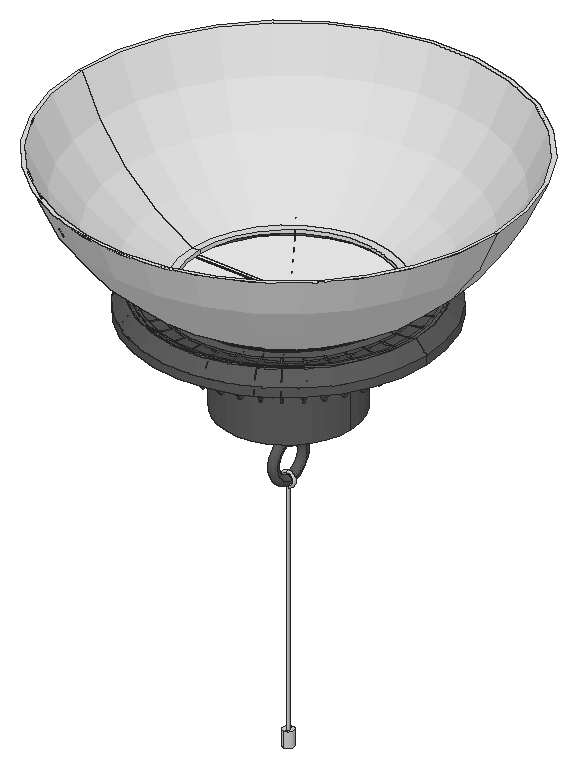
Revit family "0039350+0039356 Feilo Sylvania Lighting Fixture START HIGHBAY 6K 13KLM WIDE with ALU SHADE ALU COLOR FOR 13_19KLM", category Lighting Fixtures, host Face, Revit 2017
Family settings
  Host = Face
  Round Connector Dimension = Use Diameter
  Part Type = Normal
  OmniClass Number = 23.80.70.00
  OmniClass Title = Lighting
  Cut with Voids When Loaded = No
  Light Source = Yes
  Shared = No
  Room Calculation Point = No
Parameters (values of type "0039350+0039356 START HIGHBAY 6K 13KLM WIDE ALU SHADE ALU COLOR FOR 13/19KLM")
  WidthStraight_FEILO = if(SizeS_FEILO, 3 mm, if(SizeM_FEILO, 4 mm, 4.7 mm))  # 3 mm
  WidthRingChamfer_FEILO = if(SizeS_FEILO, 10.3 mm, if(SizeM_FEILO, 11.2 mm, 12.9 mm))  # 10.3 mm
  WidthCurved_FEILO = if(SizeS_FEILO, 17.4 mm, if(SizeM_FEILO, 16.4 mm, 26.2 mm))  # 17.4 mm
  WidthCurvedRing_FEILO = if(SizeS_FEILO, 3 mm, if(SizeM_FEILO, 4 mm, 4.7 mm))  # 3 mm
  WidthBracket_FEILO = 40 mm
  Weight = "3.0 kg"
  Wattage Comments = ""
  Wattage = 100 W
  WarrantyStartDate [instance] = "n/a"
  WarrantyGuarantorParts = "n/a"
  WarrantyDurationUnit = "n/a"
  WarrantyDurationParts = "n/a"
  WarrantyDescription = "n/a"
  built-in parameter 1150110 = 1 (stored number, unit not read)
  Voltage = 230 V
  VisibilityBracket_FEILO = no
  URL = "http://www.sylvania-lighting.com"
  TypeName = "START HIGHBAY 6K 13KLM WIDE ALU SHADE ALU COLOR FOR 13/19KLM"
  Type Image = <None>
  Type Comments = "n/a"
  built-in parameter 1114217 = 1 (stored number, unit not read)
  Tilt Angle = -90.00°
  ThicknessWall_FEILO = 1.5 mm
  ThicknessBracket_FEILO = 1.5 mm
  ThicknessBracketHalf_FEILO = ThicknessBracket_FEILO / 2  # 0.75 mm
  built-in parameter 1150109 = 1 (stored number, unit not read)
  built-in parameter 1150134 = 1
  SuspensionHeight_FEILO [instance] = 400 mm
  built-in parameter 1150113 = 1 (stored number, unit not read)
  SizeS_FEILO = yes
  SizeM_FEILO = no
  ShadeThickness_FEILO = 3 mm
  ShadeSizeSM_FEILO = or(SizeS_FEILO, SizeM_FEILO)  # yes
  ShadeRadiusOut_FEILO = 205 mm
  ShadeRadiusIn_FEILO = if(ShadeSizeSM_FEILO, 95 mm, 121 mm)  # 95 mm
  ShadeRadiusBend_FEILO = if(ShadeSizeSM_FEILO, 210 mm, 210 mm)  # 210 mm
  ShadeHeight_FEILO = if(ShadeSizeSM_FEILO, 120 mm, 151 mm)  # 120 mm
  SerialNumber [instance] = "n/a"
  Rib4_FEILO = if(SizeS_FEILO, 18.1 mm, if(SizeM_FEILO, 13.6 mm, 14.6 mm))  # 18.1 mm
  Rib3_FEILO = if(SizeS_FEILO, 15.3 mm, if(SizeM_FEILO, 17.6 mm, 20.2 mm))  # 15.3 mm
  Rib2_FEILO = if(SizeS_FEILO, 3.6 mm, if(SizeM_FEILO, 3.9 mm, 4.5 mm))  # 3.6 mm
  Rib1_FEILO = if(SizeS_FEILO, 15.1 mm, if(SizeM_FEILO, 16.5 mm, 19 mm))  # 15.1 mm
  RadiusDiffuser_FEILO = if(SizeS_FEILO, 95.2 mm, if(SizeM_FEILO, 105.3 mm, 120 mm))  # 95.2 mm
  RadiusArrayPost_FEILO = DriverRadius_FEILO - 6 mm  # 55.4 mm
  RHRadius3_FEILO = if(SizeS_FEILO, 6.6 mm, if(SizeM_FEILO, 7.4 mm, 8.6 mm))  # 6.6 mm
  RHRadius2_FEILO = if(SizeS_FEILO, 11 mm, if(SizeM_FEILO, 12 mm, 14 mm))  # 11 mm
  RHRadius1_FEILO = if(SizeS_FEILO, 13.6 mm, if(SizeM_FEILO, 14.9 mm, 17.7 mm))  # 13.6 mm
  RHHeight4_FEILO = if(SizeS_FEILO, 7.3 mm, if(SizeM_FEILO, 8 mm, 9.2 mm))  # 7.3 mm
  RHHeight3_FEILO = if(SizeS_FEILO, 3.6 mm, if(SizeM_FEILO, 3.7 mm, 4.6 mm))  # 3.6 mm
  RHHeight2_FEILO = if(SizeS_FEILO, 2 mm, if(SizeM_FEILO, 2.2 mm, 2.6 mm))  # 2 mm
  RHHeight1_FEILO = if(SizeS_FEILO, 11.8 mm, if(SizeM_FEILO, 15.3 mm, 17.4 mm))  # 11.8 mm
  Photometric Web File = "0039350+0039356.ies"
  Material_5_FEILO = Shade-Sylvania-StartHighbay-Alu
  Material_3_FEILO = LED-Sylvania-StartHighbay-Glow
  PowerFactor = 0.95
  PowerConsumption = "100 W"
  NominalLength = 270 mm
  NominalHeight = 170 mm
  NominalDepth = 270 mm
  Name = "START HIGHBAY 6K 13KLM WIDE ALU SHADE ALU COLOR FOR 13/19KLM"
  ModelReference = Name  # "START HIGHBAY 6K 13KLM WIDE ALU SHADE ALU COLOR FOR 13/19KLM"
  ModelNumber = "0039350+0039356"
  Model = Name  # "START HIGHBAY 6K 13KLM WIDE ALU SHADE ALU COLOR FOR 13/19KLM"
  Material = "aluminium alloy housing, polycarbonate diffuser"
  ManufacturerName = "Feilo Sylvania"
  Manufacturer = "Feilo Sylvania"
  LuminousEfficacy = "130 lm/W"
  built-in parameter 1150105 = 7435 (stored number, unit not read)
  Lumens = 13000 lm
  LuminaireType = ""
  built-in parameter 1150115 = 1 (stored number, unit not read)
  LightOutputRatio = "n/a"
  built-in parameter 1150137 = (empty or 0)
  built-in parameter 1150139 = (empty or 0)
  LampsType = Lamp  # "LED"
  LampNominalLuminous = "13000 lm"
  LampMacAdamStep = "n/a"
  LampColourTemperature = "6500 K"
  LampColourRenderingIndex = "80"
  built-in parameter 1150112 = 1 (stored number, unit not read)
  built-in parameter 1150114 = 1 (stored number, unit not read)
  Lamp = "LED"
  Keynote = "16500"
  InstallationDate [instance] = "n/a"
  InputVoltage = "220-240V~"
  InputNominalFrequency = "50/60 Hz"
  built-in parameter 1150132 = (empty or 0)
  built-in parameter 1150102 = (empty or 0)
  built-in parameter 1150107 = 6500 (stored number, unit not read)
  built-in parameter 1150138 = (empty or 0)
  IngressProtection = "IP65"
  ImpactProtectionIndex = "IK08"
  built-in parameter 1150106 = 74.35 (stored number, unit not read)
  IfcExportType = "IfcLightFixtureType"
  IfcExportAs = "IfcLightFixtureType"
  HeightRing_FEILO = if(SizeS_FEILO, 19.8 mm, if(SizeM_FEILO, 32 mm, 36.8 mm))  # 19.8 mm
  HeightRingChamfer_FEILO = if(SizeS_FEILO, 11.7 mm, if(SizeM_FEILO, 23.2 mm, 26.6 mm))  # 11.7 mm
  EyeThickness_FEILO = if(SizeS_FEILO, 8.4 mm, if(SizeM_FEILO, 9.2 mm, 10.5 mm))  # 8.4 mm
  EyeThicknessHalf_FEILO = EyeThickness_FEILO / 2  # 4.2 mm
  EyeInner_FEILO = if(SizeS_FEILO, 13.8 mm, if(SizeM_FEILO, 15.1 mm, 17.3 mm))  # 13.8 mm
  ExpectedLife = 50000
  Emit from Circle Diameter = RadiusDiffuser_FEILO * 2  # 190.4 mm
  Emit Shape Visible in Rendering = no
  ElectricShockClassification = "Class I"
  built-in parameter 1150104 = 12.077 (stored number, unit not read)
  DurationUnit = "hours"
  DriverVerticalStraight_FEILO = if(SizeS_FEILO, 46.5 mm, if(SizeM_FEILO, 49.7 mm, 57 mm))  # 46.5 mm
  DriverVerticalChamfer_FEILO = if(SizeS_FEILO, 7.5 mm, if(SizeM_FEILO, 8.2 mm, 9.5 mm))  # 7.5 mm
  DriverRadius_FEILO = if(SizeS_FEILO, 61.4 mm, if(SizeM_FEILO, 67.2 mm, 76.4 mm))  # 61.4 mm
  DriverRadiusTop_FEILO = if(SizeS_FEILO, 42 mm, if(SizeM_FEILO, 45.3 mm, 52.4 mm))  # 42 mm
  DriverBottom_FEILO = if(SizeS_FEILO, 56 mm, if(SizeM_FEILO, 64.5 mm, 74 mm))  # 56 mm
  DocumentationLiterature = "http://www.sylvania-lighting.com/product/en-int/products/0039350"
  DimmingControlOptions = "n/a"
  Material_2_FEILO = Diffuser-Sylvania-StartHighbay-Transparent
  Radius_FEILO = if(SizeS_FEILO, 135 mm, if(SizeM_FEILO, 148 mm, 169.5 mm))  # 135 mm
  Dimming Lamp Color Temperature Shift = <None>
  DiameterWire_FEILO = 3 mm
  DiameterWireSupport_FEILO = 10 mm
  Description = "START HIGHBAY, includes 1 m cables, black aluminium housing, 13000LM, 100W, 130lm/W, 6500K, Driver current: 2140mA, CR80, 60° beam angle, 1-10V dimmable,  IP65, IK08, 50,000 hrs (L70B50), (LxWxH) 270x270x170mm"
  Default Elevation = 1219.2 mm
  CreatedOn = "2/28/2018"
  CreatedBy = ""
  Cost = 0
  Color Filter = 16777215
  built-in parameter 1114216 [instance] = (empty or 0)
  ClassificationValue = "EF_70_80"
  ClassificationName = "Uniclass2015"
  Material_1_FEILO = Body-Sylvania-StartHighbay-Black
  BarCode [instance] = "n/a"
  built-in parameter 1114218 = 1 (stored number, unit not read)
  built-in parameter 1150133 = 10 (stored number, unit not read)
  AssetType = "Fixed"
  AssetIdentifier [instance] = "n/a"
  Assembly Code = "D5020200"
  Apparent Load = 100 VA
  Material_4_FEILO = Shade-Sylvania-StartHighbay-Alu
Reference planes
  plane 1 "Center (Front/Back)": y = 0
  plane 2: z = 0
  plane 3 "Center (Left/Right)": x = 0
  plane 4: z = 400
  plane 5: x = -135
  plane 6: x = -124.7
  plane 7: z = 388.3
  plane 8: z = 380.2
  plane 9: x = -121.7
  plane 10: z = 397.375
  plane 11: x = -104.3
  plane 12: x = -95.2
  plane 13: x = -118.7
  plane 14: z = 398.375
  plane 15: z = 396.375
  plane 16: x = -92.2
  plane 17: z = 395.375
  plane 18: x = -133.5
  plane 19: x = -119.9
  plane 20: z = 376.6
  plane 21: x = -104.6
  plane 22: z = 358.5
  plane 23: x = -20
  plane 24: z = 344
  plane 25: x = -61.4
  plane 26: z = 297.5
  plane 27: x = -42
  plane 28: z = 290
  plane 29: x = -13.6
  plane 30: z = 278.2
  plane 31: z = 276.2
  plane 32: x = -11
  plane 33: z = 272.6
  plane 34: z = 265.3
  plane 35: x = -6.6
  plane 36: z = 251.5
  plane 37: z = 237.7
  plane 38: x = 4.2
  plane 39: x = -4.2
  plane 40: z = 229.3
  plane 41: z = 233.5
  plane 42: x = -129.1
  plane 43: x = -132.5
  plane 44: z = 378.7
  plane 45: x = -123.2
  plane 46: z = 320.75
  plane 47: y = -20
  plane 48: y = 20
  plane 49: x = 135
  plane 50: x = 124.7
  plane 51: x = 133.5
  plane 52: x = 129.1
  plane 53: x = 132.5
  plane 54: x = 123.2
  plane 55: z = 240.7
  plane 56: y = 1.5
  plane 57: y = -1.5
  plane 58: z = 239.2
  plane 59: z = 227.8
  plane 60: z = 226.3
  plane 61: y = -5
  plane 62: y = 5
  plane 63: z = 14
  plane 64: x = -205
  plane 65: z = 520
  plane 66: x = -95
  plane 67: x = -87
  plane 68: x = -202
  plane 69: z = 403
Forms (mm)
  Revolve 1, solid, material "Body-Sylvania-StartHighbay-Black" <- "Material_1_FEILO", detail levels medium+fine
    sketch origin (0, 0, 0) x (1, 0, 0) y (0, 0, 1)
      loop
        line (-135, 380.2) -> (-133.5, 380.2) -> (-133.5, 387.734) -> (-125.012, 397.375) -> (-118.7, 397.375) -> (-118.7, 399.16)
        arc (-118.7, 399.16) -> (-120.206, 399.56) -> (-121.7, 400) r 58.981
        line (-121.7, 400) -> (-124.241, 400)
        arc (-124.241, 400) -> (-124.657, 399.911) -> (-124.999, 399.66) r 1.015
        line (-124.999, 399.66) -> (-135, 388.3) -> (-135, 380.2)
      axis (0, 400) -> (0, 380.2)
    angle from 360 to 0
  Revolve 2, solid, material "Body-Sylvania-StartHighbay-Black" <- "Material_1_FEILO", detail levels medium+fine
    sketch origin (0, 0, 0) x (1, 0, 0) y (0, 0, 1)
      loop
        line (-104.3, 395.375) -> (-95.2, 395.375) -> (-95.2, 388.3) -> (0, 388.3) -> (0, 395.375) -> (-92.2, 395.375) -> (-92.2, 396.375) -> (-95.2, 396.375) -> (-95.2, 397.375) -> (-104.3, 397.375) -> (-104.3, 395.375)
      axis (0, 397.375) -> (0, 388.3)
    angle from 360 to 0
  Revolve 3, solid, material "Diffuser-Sylvania-StartHighbay-Transparent" <- "Material_2_FEILO", detail levels medium+fine
    sketch origin (0, 0, 0) x (1, 0, 0) y (0, 0, 1)
      loop
        line (-95.2, 396.375) -> (0, 396.375) -> (0, 398.375) -> (-95.2, 398.375) -> (-95.2, 396.375)
      axis (0, 398.375) -> (0, 396.375)
    angle from 360 to 0
  Revolve 4, solid, material "Body-Sylvania-StartHighbay-Black" <- "Material_1_FEILO"
    sketch origin (0, 0, 0) x (1, 0, 0) y (0, 0, 1)
      loop
        line (-61.4, 358.5) -> (-61.4, 297.5) -> (-42, 290) -> (-13.6, 290) -> (-13.6, 278.2) -> (-11, 276.2) -> (-11, 272.6) -> (-7.037, 266.026)
        arc (-7.037, 266.026) -> (-6.49, 265.494) -> (-5.753, 265.3) r 1.5
        line (-5.753, 265.3) -> (0, 265.3) -> (0, 358.5) -> (-61.4, 358.5)
      axis (0, 358.5) -> (0, 265.3)
    angle from 360 to 0
  Revolve 5, solid, material "Body-Sylvania-StartHighbay-Black" <- "Material_1_FEILO"
    sketch origin (0, 0, 0) x (1, 0, 0) y (0, 0, 1)
      loop
        circle (0, 233.5) r 4.2
      axis (4.2, 251.5) -> (-4.2, 251.5)
    angle from 360 to 0
  Extrusion 6, solid, material "Body-Sylvania-StartHighbay-Black" <- "Material_1_FEILO", visible <- "VisibilityBracket_FEILO"
    sketch origin (0, 0, 0) x (1, 0, 0) y (0, 0, 1)
      loop
        line (-132.5, 380.2) -> (-132.5, 378.7) -> (-125.45, 378.7)
        arc (-125.45, 378.7) -> (-124.92, 378.48) -> (-124.7, 377.95) r 0.75
        line (-124.7, 377.95) -> (-124.7, 320.75) -> (-123.2, 320.75) -> (-123.2, 378.7)
        arc (-123.2, 378.7) -> (-123.639, 379.761) -> (-124.7, 380.2) r 1.5
        line (-124.7, 380.2) -> (-132.5, 380.2)
      loop
        line (132.5, 380.2) -> (124.7, 380.2)
        arc (124.7, 380.2) -> (123.639, 379.761) -> (123.2, 378.7) r 1.5
        line (123.2, 378.7) -> (123.2, 320.75) -> (124.7, 320.75) -> (124.7, 377.95)
        arc (124.7, 377.95) -> (124.92, 378.48) -> (125.45, 378.7) r 0.75
        line (125.45, 378.7) -> (132.5, 378.7) -> (132.5, 380.2)
    from -20 to 20
  Extrusion 7, void
    sketch origin (0, 0, 0) x (0, 1, 0) y (0, 0, 1)
      loop
        arc (-10, 320.75) -> (-17.071, 323.679) -> (-20, 330.75) r 10
        line (-20, 330.75) -> (-25, 330.75) -> (-25, 315.75) -> (-10, 315.75) -> (-10, 320.75)
      loop
        line (10, 320.75) -> (10, 315.75) -> (25, 315.75) -> (25, 330.75) -> (20, 330.75)
        arc (20, 330.75) -> (17.071, 323.679) -> (10, 320.75) r 10
    from -124.7 to 124.7
  Revolve 8, solid, material "Body-Sylvania-StartHighbay-Black" <- "Material_1_FEILO", detail levels coarse
    sketch origin (0, 0, 0) x (1, 0, 0) y (0, 0, 1)
      loop
        line (0, 400) -> (-124.7, 400) -> (-135, 388.3) -> (-135, 380.2) -> (-119.9, 380.2) -> (-119.9, 376.6) -> (-104.6, 358.5) -> (0, 358.5) -> (0, 400)
      axis (0, 400) -> (0, 358.5)
    angle from 360 to 0
  Revolve 9, solid
    sketch origin (0, 0, 0) x (0, 1, 0) y (0, 0, 1)
      loop
        circle (0, 239.2) r 1.5
      axis (1.5, 233.5) -> (-1.5, 233.5)
    angle from 360 to 0
  Revolve 10, solid
    sketch origin (0, 0, 0) x (0, 1, 0) y (0, 0, 1)
      loop
        line (0, 0) -> (0, 227.8) -> (-1.5, 227.8) -> (-1.5, 14) -> (-5, 14) -> (-5, 0) -> (0, 0)
      axis (0, 0) -> (0, 227.8)
    angle from 360 to 0
  Revolve 11, solid, material "Shade-Sylvania-StartHighbay-Alu" <- "Material_4_FEILO"
    sketch origin (0, 0, 0) x (1, 0, 0) y (0, 0, 1)
      loop
        line (-95, 400) -> (-87, 400) -> (-87, 403) -> (-94.341, 403)
        arc (-94.341, 403) -> (-159.747, 450.78) -> (-201.81, 520) r 207
        line (-201.81, 520) -> (-205, 520)
        arc (-205, 520) -> (-162.101, 448.908) -> (-95, 400) r 210
      axis (0, 520) -> (0, 400)
    angle from 360 to 0
Cuts and joins
  Extrusion 7 cuts Extrusion 6
Lines and regions (mm)
  reference lines
    curve 1: line (-135, 0, 388.3) -> (-124.7, 0, 400)
    curve 2: line (-104.3, 0, 397.375) -> (0, 0, 397.375)
    curve 3: arc (-104.3, 0, 397.375) -> (-113.098, 0, 398.035) -> (-121.7, 0, 400) r 58.981
    curve 4: line (-124.7, 0, 400) -> (-121.7, 0, 400)
    curve 5: line (-125.012, 0, 397.375) -> (-133.5, 0, 387.734)
    curve 6: line (-119.9, 0, 376.6) -> (-104.6, 0, 358.5)
    curve 7: line (-11, 0, 272.6) -> (-6.6, 0, 265.3)
    curve 8: circle (0, 0, 233.5) r 4.2 normal (0, -1, 0)
    curve 9: arc (-95, 0, 400) -> (-162.101, 0, 448.908) -> (-205, 0, 520) r 210
Dimensions and locks
  "Radius_FEILO": plane 3 "Center (Left/Right)" to plane 5
  "WidthRingChamfer_FEILO": plane 6 to plane 5
  "WidthStraight_FEILO": plane 9 to plane 6
  "WidthCurvedRing_FEILO": plane 13 to plane 9
  locked: plane 10 to plane 15 at 1
  locked: plane 14 to plane 10 at 1
  locked: plane 4 to plane 10 at 2.625
  locked: plane 15 to plane 17 at 1
  "ThicknessWall_FEILO": plane 18 to plane 5
  "ThicknessWall_FEILO": curve 5 to curve 1
  "HeightRingChamfer_FEILO": plane 4 to plane 7
  "HeightRing_FEILO": plane 4 to plane 8
  "RadiusDiffuser_FEILO": plane 3 "Center (Left/Right)" to plane 12
  locked: plane 16 to plane 12 at 3
  "WidthCurved_FEILO": plane 11 to plane 9
  "SuspensionHeight_FEILO": plane 4 to plane 2
  "Rib1_FEILO": plane 19 to plane 5
  "Rib2_FEILO": plane 8 to plane 20
  "Rib3_FEILO": plane 21 to plane 19
  "Rib4_FEILO": plane 20 to plane 22
  locked: plane 3 "Center (Left/Right)" to plane 23 at 20
  "DriverBottom_FEILO": plane 4 to plane 24
  "DriverRadius_FEILO": plane 3 "Center (Left/Right)" to plane 25
  "DriverVerticalStraight_FEILO": plane 24 to plane 26
  "DriverRadiusTop_FEILO": plane 3 "Center (Left/Right)" to plane 27
  "DriverVerticalChamfer_FEILO": plane 26 to plane 28
  "RHRadius1_FEILO": plane 3 "Center (Left/Right)" to plane 29
  "RHHeight2_FEILO": plane 30 to plane 31
  "RHRadius2_FEILO": plane 3 "Center (Left/Right)" to plane 32
  "RHHeight3_FEILO": plane 31 to plane 33
  "RHHeight4_FEILO": plane 33 to plane 34
  "RHRadius3_FEILO": plane 3 "Center (Left/Right)" to plane 35
  "RHHeight1_FEILO": plane 28 to plane 30
  "EyeInner_FEILO": plane 34 to plane 36
  "EyeInner_FEILO": plane 36 to plane 37
  equal spacing: plane 38, plane 3 "Center (Left/Right)", plane 39
  "EyeThickness_FEILO": plane 38 to plane 39
  "EyeThickness_FEILO": plane 37 to plane 40
  equal spacing: plane 37, plane 41, plane 40
  equal spacing: plane 6, plane 42, plane 18
  "ThicknessBracket_FEILO": plane 45 to plane 6
  "ThicknessBracket_FEILO": plane 8 to plane 44
  locked: plane 43 to plane 18 at 1
  equal spacing: plane 24, plane 46, plane 26
  equal spacing: plane 47, plane 1 "Center (Front/Back)", plane 48
  "WidthBracket_FEILO": plane 47 to plane 48
  "WidthRingChamfer_FEILO": plane 50 to plane 49
  "ThicknessWall_FEILO": plane 51 to plane 49
  equal spacing: plane 50, plane 52, plane 51
  "ThicknessBracket_FEILO": plane 54 to plane 50
  locked: plane 53 to plane 51 at 1
  "Radius_FEILO": plane 49 to plane 3 "Center (Left/Right)"
  equal spacing: plane 57, imposter light, plane 56
  "DiameterWire_FEILO": plane 57 to plane 56
  "DiameterWire_FEILO": plane 37 to plane 55
  equal spacing: plane 37, plane 58, plane 55
  "DiameterWire_FEILO": plane 60 to plane 40
  equal spacing: plane 60, plane 59, plane 40
  equal spacing: plane 61, plane 1 "Center (Front/Back)", plane 62
  "DiameterWireSupport_FEILO": plane 61 to plane 62
  locked: plane 63 to plane 2 at 14
  "ShadeRadiusOut_FEILO": plane 3 "Center (Left/Right)" to plane 64
  "ShadeHeight_FEILO": plane 65 to plane 4
  "ShadeRadiusIn_FEILO": plane 3 "Center (Left/Right)" to plane 66
  locked: plane 67 to plane 66 at 8
  "ShadeThickness_FEILO": plane 69 to plane 4
  "ShadeThickness_FEILO": plane 68 to plane 64
  "EyeThicknessHalf_FEILO": radius of curve 8
  "ThicknessBracket_FEILO": radius of Extrusion 6 sketch curve  (x2)
  "ThicknessBracketHalf_FEILO": radius of Extrusion 6 sketch curve  (x2)
  "DiameterWire_FEILO": diameter of Revolve 9 sketch curve
  "ShadeRadiusBend_FEILO": radius of curve 9
  aligned and locked: plane 2 to host face
  aligned and locked: level to host face
  aligned and locked: plane 5 to curve 1
  aligned and locked: plane 6 to curve 1
  aligned and locked: plane 7 to curve 1
  aligned and locked: plane 10 to curve 2
  aligned and locked: plane 9 to curve 3
  aligned and locked: plane 4 to curve 3
  aligned and locked: plane 11 to curve 3
  aligned and locked: plane 4 to curve 4
  aligned and locked: plane 18 to curve 5
  aligned and locked: plane 10 to curve 5
  aligned and locked: Revolve 1 sketch curve to plane 3 "Center (Left/Right)"
  aligned and locked: Revolve 1 sketch curve to curve 3
  aligned and locked: Revolve 1 sketch curve to curve 1
  aligned and locked: plane 4 to Revolve 1 sketch curve
  aligned and locked: plane 9 to Revolve 1 sketch curve
  aligned and locked: Revolve 1 sketch curve to plane 13
  aligned and locked: Revolve 1 sketch curve to plane 10
  aligned and locked: plane 13 to Revolve 1 sketch curve
  aligned and locked: plane 10 to Revolve 1 sketch curve
  aligned and locked: Revolve 1 sketch curve to plane 18
  aligned and locked: Revolve 1 sketch curve to plane 8
  aligned and locked: plane 5 to Revolve 1 sketch curve  (x2)
  aligned and locked: Revolve 2 sketch curve to plane 3 "Center (Left/Right)"
  aligned and locked: plane 11 to Revolve 2 sketch curve
  aligned and locked: Revolve 2 sketch curve to curve 2
  aligned and locked: plane 15 to Revolve 2 sketch curve
  aligned and locked: Revolve 2 sketch curve to plane 16
  aligned and locked: plane 17 to Revolve 2 sketch curve  (x2)
  aligned and locked: Revolve 2 sketch curve to plane 12
  aligned and locked: plane 7 to Revolve 2 sketch curve
  aligned and locked: Revolve 3 sketch curve to plane 3 "Center (Left/Right)"
  aligned and locked: Revolve 3 sketch curve to plane 14
  aligned and locked: plane 3 "Center (Left/Right)" to Revolve 3 sketch curve
  aligned and locked: Revolve 3 sketch curve to plane 12
  aligned and locked: plane 15 to Revolve 3 sketch curve
  aligned and locked: Revolve 1 sketch curve to curve 5
  aligned and locked: plane 22 to curve 6
  aligned and locked: plane 21 to curve 6
  aligned and locked: plane 20 to curve 6
  aligned and locked: plane 19 to curve 6
  aligned and locked: plane 33 to curve 7
  aligned and locked: plane 32 to curve 7
  aligned and locked: plane 35 to curve 7
  aligned and locked: plane 34 to curve 7
  aligned and locked: Revolve 4 sketch curve to plane 3 "Center (Left/Right)"
  aligned and locked: Revolve 4 sketch curve to plane 25
  aligned and locked: plane 27 to Revolve 4 sketch curve
  aligned and locked: plane 28 to Revolve 4 sketch curve
  aligned and locked: plane 30 to Revolve 4 sketch curve
  aligned and locked: Revolve 4 sketch curve to plane 29
  aligned and locked: plane 31 to Revolve 4 sketch curve
  aligned and locked: Revolve 4 sketch curve to curve 7
  aligned and locked: Revolve 4 sketch curve to plane 32
  aligned and locked: plane 34 to Revolve 4 sketch curve
  aligned and locked: plane 3 "Center (Left/Right)" to Revolve 4 sketch curve
  aligned and locked: plane 3 "Center (Left/Right)" to curve 8
  aligned and locked: plane 41 to curve 8
  aligned and locked: Revolve 5 sketch curve to plane 36
  aligned and locked: Revolve 5 sketch curve to curve 8
  aligned and locked: plane 43 to Extrusion 6 sketch curve  (x2)
  aligned and locked: plane 8 to Extrusion 6 sketch curve  (x3)
  aligned and locked: Extrusion 6 sketch curve to plane 45
  aligned and locked: Extrusion 6 sketch curve to plane 46  (x2)
  aligned and locked: plane 6 to Extrusion 6 sketch curve
  aligned and locked: Extrusion 6 sketch curve to plane 44  (x2)
  aligned and locked: Extrusion 6 to plane 48
  aligned and locked: plane 47 to Extrusion 6
  aligned and locked: plane 53 to Extrusion 6 sketch curve
  aligned and locked: plane 50 to Extrusion 6 sketch curve
  aligned and locked: Extrusion 6 sketch curve to plane 54
  aligned and locked: Extrusion 7 sketch curve to Extrusion 7 sketch curve
  aligned and locked: Extrusion 7 to plane 6
  aligned and locked: Extrusion 7 to Extrusion 6
  aligned and locked: Revolve 4 sketch curve to plane 22
  aligned and locked: plane 23 to nested 1
  aligned and locked: plane 1 "Center (Front/Back)" to nested 1
  aligned and locked: Revolve 8 sketch curve to plane 3 "Center (Left/Right)"
  aligned and locked: Revolve 8 sketch curve to plane 4
  aligned and locked: plane 6 to Revolve 8 sketch curve
  aligned and locked: plane 4 to Revolve 8 sketch curve
  aligned and locked: plane 7 to Revolve 8 sketch curve
  aligned and locked: Revolve 8 sketch curve to plane 5
  aligned and locked: plane 8 to Revolve 8 sketch curve  (x2)
  aligned and locked: Revolve 8 sketch curve to plane 19
  aligned and locked: plane 20 to Revolve 8 sketch curve
  aligned and locked: plane 19 to Revolve 8 sketch curve
  aligned and locked: plane 21 to Revolve 8 sketch curve
  aligned and locked: plane 22 to Revolve 8 sketch curve  (x2)
  aligned and locked: Revolve 8 sketch curve to Revolve 8 sketch curve
  aligned and locked: imposter light to plane 4
  aligned and locked: plane 3 "Center (Left/Right)" to imposter light
  aligned and locked: imposter light to plane 1 "Center (Front/Back)"
  aligned and locked: Revolve 9 sketch curve to plane 41
  aligned and locked: Revolve 10 sketch curve to plane 1 "Center (Front/Back)"
  aligned and locked: plane 1 "Center (Front/Back)" to Revolve 10 sketch curve  (x2)
  aligned and locked: host face to Revolve 10 sketch curve
  aligned and locked: plane 63 to Revolve 10 sketch curve
  aligned and locked: Revolve 10 sketch curve to plane 61
  aligned and locked: Revolve 10 sketch curve to plane 57
  aligned and locked: plane 59 to Revolve 10 sketch curve
  aligned and locked: plane 64 to curve 9
  aligned and locked: plane 65 to curve 9
  aligned and locked: plane 66 to curve 9
  aligned and locked: plane 4 to curve 9
  aligned and locked: Revolve 11 sketch curve to curve 9
  aligned and locked: plane 67 to Revolve 11 sketch curve
  aligned and locked: plane 66 to Revolve 11 sketch curve
  aligned and locked: plane 65 to Revolve 11 sketch curve  (x2)
  aligned and locked: Revolve 11 sketch curve to plane 67
  aligned and locked: plane 69 to Revolve 11 sketch curve
Automatic sketch dimensions
  host sketch curve to host sketch curve = 2438.4 mm  (x2)
  Revolve 1 sketch curve to plane 6 = 0.299 mm
  plane 6 to Revolve 1 sketch curve = 0.459 mm
  Revolve 1 sketch curve to level = 609.6 mm
  Revolve 1 sketch curve to Revolve 1 sketch curve = 2312.223 mm
  Revolve 2 sketch curve to plane 12 = 0 mm
  Revolve 2 sketch curve to plane 3 "Center (Left/Right)" = 0 mm
  Revolve 2 sketch curve to level = 609.6 mm
  Revolve 2 sketch curve to plane 4 = 2339.058 mm
  Revolve 3 sketch curve to level = 609.6 mm
  Revolve 3 sketch curve to plane 4 = 2339.058 mm
  Revolve 5 sketch curve to plane 5 = 1080 mm
  plane 38 to Revolve 5 sketch curve = 1219.2 mm
  Extrusion 7 sketch curve to plane 47 = 0 mm
  plane 46 to Extrusion 7 sketch curve = 0 mm  (x2)
  Extrusion 7 sketch curve to plane 48 = 0 mm
  plane 47 to Extrusion 7 sketch curve = 5 mm
  plane 1 "Center (Front/Back)" to Extrusion 7 sketch curve = 10 mm
  Extrusion 7 sketch curve to Extrusion 7 sketch curve = 10 mm
  plane 46 to Extrusion 7 sketch curve = 5 mm
  Extrusion 7 sketch curve to Extrusion 7 sketch curve = 5 mm
  Extrusion 7 sketch curve to plane 48 = 5 mm
  Revolve 4 sketch curve to plane 26 = 0 mm
  Revolve 4 sketch curve to plane 35 = 0.437 mm
  plane 35 to Revolve 4 sketch curve = 0.847 mm
  Revolve 4 sketch curve to plane 34 = 0.726 mm
  plane 40 to Revolve 4 sketch curve = 590.2 mm
  Revolve 4 sketch curve to plane 4 = 2339.058 mm
  Revolve 8 sketch curve to level = 609.6 mm
  Revolve 8 sketch curve to Revolve 8 sketch curve = 2386.058 mm
  Revolve 9 sketch curve to plane 1 "Center (Front/Back)" = 0 mm
  plane 58 to Revolve 9 sketch curve = 0 mm
  plane 47 to Revolve 9 sketch curve = 2534.941 mm
  Revolve 9 sketch curve to plane 48 = 2077.409 mm
  Revolve 10 sketch curve to Revolve 10 sketch curve = 609.6 mm
  Revolve 10 sketch curve to plane 4 = 2123.807 mm
  curve 2 to plane 3 "Center (Left/Right)" = 0 mm
  Revolve 11 sketch curve to Revolve 11 sketch curve = 0 mm  (x2)
  Revolve 11 sketch curve to plane 3 "Center (Left/Right)" = 0 mm
  plane 66 to Revolve 11 sketch curve = 0.659 mm
  Revolve 11 sketch curve to level = 609.6 mm
  Revolve 11 sketch curve to Revolve 11 sketch curve = 2068.248 mm
Nested families
  nested 1: "Start Highbay Rib" at (0, 0, 397.375), type "Type Name", detail levels medium+fine
    with SuspensionHeight_FEILO 2.6 mm
  nested 2: "Start Highbay Rib" at (0, 0, 397.375) x (0.9877, 0.1564, 0) z (0, 0, 1), type "Type Name", detail levels medium+fine
    with SuspensionHeight_FEILO 2.6 mm
  nested 3: "Start Highbay Rib" at (0, 0, 397.375) x (0.9511, 0.309, 0) z (0, 0, 1), type "Type Name", detail levels medium+fine
    with SuspensionHeight_FEILO 2.6 mm
  nested 4: "Start Highbay Rib" at (0, 0, 397.375) x (0.891, 0.454, 0) z (0, 0, 1), type "Type Name", detail levels medium+fine
    with SuspensionHeight_FEILO 2.6 mm
  nested 5: "Start Highbay Rib" at (0, 0, 397.375) x (0.809, 0.5878, 0) z (0, 0, 1), type "Type Name", detail levels medium+fine
    with SuspensionHeight_FEILO 2.6 mm
  nested 6: "Start Highbay Rib" at (0, 0, 397.375) x (0.7071, 0.7071, 0) z (0, 0, 1), type "Type Name", detail levels medium+fine
    with SuspensionHeight_FEILO 2.6 mm
  nested 7: "Start Highbay Rib" at (0, 0, 397.375) x (0.5878, 0.809, 0) z (0, 0, 1), type "Type Name", detail levels medium+fine
    with SuspensionHeight_FEILO 2.6 mm
  nested 8: "Start Highbay Rib" at (0, 0, 397.375) x (0.454, 0.891, 0) z (0, 0, 1), type "Type Name", detail levels medium+fine
    with SuspensionHeight_FEILO 2.6 mm
  nested 9: "Start Highbay Rib" at (0, 0, 397.375) x (0.309, 0.9511, 0) z (0, 0, 1), type "Type Name", detail levels medium+fine
    with SuspensionHeight_FEILO 2.6 mm
  nested 10: "Start Highbay Rib" at (0, 0, 397.375) x (0.1564, 0.9877, 0) z (0, 0, 1), type "Type Name", detail levels medium+fine
    with SuspensionHeight_FEILO 2.6 mm
  nested 11: "Start Highbay Rib" at (0, 0, 397.375) x (0, 1, 0) z (0, 0, 1), type "Type Name", detail levels medium+fine
    with SuspensionHeight_FEILO 2.6 mm
  nested 12: "Start Highbay Rib" at (0, 0, 397.375) x (-0.1564, 0.9877, 0) z (0, 0, 1), type "Type Name", detail levels medium+fine
    with SuspensionHeight_FEILO 2.6 mm
  nested 13: "Start Highbay Rib" at (0, 0, 397.375) x (-0.309, 0.9511, 0) z (0, 0, 1), type "Type Name", detail levels medium+fine
    with SuspensionHeight_FEILO 2.6 mm
  nested 14: "Start Highbay Rib" at (0, 0, 397.375) x (-0.454, 0.891, 0) z (0, 0, 1), type "Type Name", detail levels medium+fine
    with SuspensionHeight_FEILO 2.6 mm
  nested 15: "Start Highbay Rib" at (0, 0, 397.375) x (-0.5878, 0.809, 0) z (0, 0, 1), type "Type Name", detail levels medium+fine
    with SuspensionHeight_FEILO 2.6 mm
  nested 16: "Start Highbay Rib" at (0, 0, 397.375) x (-0.7071, 0.7071, 0) z (0, 0, 1), type "Type Name", detail levels medium+fine
    with SuspensionHeight_FEILO 2.6 mm
  nested 17: "Start Highbay Rib" at (0, 0, 397.375) x (-0.809, 0.5878, 0) z (0, 0, 1), type "Type Name", detail levels medium+fine
    with SuspensionHeight_FEILO 2.6 mm
  nested 18: "Start Highbay Rib" at (0, 0, 397.375) x (-0.891, 0.454, 0) z (0, 0, 1), type "Type Name", detail levels medium+fine
    with SuspensionHeight_FEILO 2.6 mm
  nested 19: "Start Highbay Rib" at (0, 0, 397.375) x (-0.9511, 0.309, 0) z (0, 0, 1), type "Type Name", detail levels medium+fine
    with SuspensionHeight_FEILO 2.6 mm
  nested 20: "Start Highbay Rib" at (0, 0, 397.375) x (-0.9877, 0.1564, 0) z (0, 0, 1), type "Type Name", detail levels medium+fine
    with SuspensionHeight_FEILO 2.6 mm
  nested 21: "Start Highbay Rib" at (0, 0, 397.375) x (-1, 0, 0) z (0, 0, 1), type "Type Name", detail levels medium+fine
    with SuspensionHeight_FEILO 2.6 mm
  nested 22: "Start Highbay Rib" at (0, 0, 397.375) x (-0.9877, -0.1564, 0) z (0, 0, 1), type "Type Name", detail levels medium+fine
    with SuspensionHeight_FEILO 2.6 mm
  nested 23: "Start Highbay Rib" at (0, 0, 397.375) x (-0.9511, -0.309, 0) z (0, 0, 1), type "Type Name", detail levels medium+fine
    with SuspensionHeight_FEILO 2.6 mm
  nested 24: "Start Highbay Rib" at (0, 0, 397.375) x (-0.891, -0.454, 0) z (0, 0, 1), type "Type Name", detail levels medium+fine
    with SuspensionHeight_FEILO 2.6 mm
  nested 25: "Start Highbay Rib" at (0, 0, 397.375) x (-0.809, -0.5878, 0) z (0, 0, 1), type "Type Name", detail levels medium+fine
    with SuspensionHeight_FEILO 2.6 mm
  nested 26: "Start Highbay Rib" at (0, 0, 397.375) x (-0.7071, -0.7071, 0) z (0, 0, 1), type "Type Name", detail levels medium+fine
    with SuspensionHeight_FEILO 2.6 mm
  nested 27: "Start Highbay Rib" at (0, 0, 397.375) x (-0.5878, -0.809, 0) z (0, 0, 1), type "Type Name", detail levels medium+fine
    with SuspensionHeight_FEILO 2.6 mm
  nested 28: "Start Highbay Rib" at (0, 0, 397.375) x (-0.454, -0.891, 0) z (0, 0, 1), type "Type Name", detail levels medium+fine
    with SuspensionHeight_FEILO 2.6 mm
  nested 29: "Start Highbay Rib" at (0, 0, 397.375) x (-0.309, -0.9511, 0) z (0, 0, 1), type "Type Name", detail levels medium+fine
    with SuspensionHeight_FEILO 2.6 mm
  nested 30: "Start Highbay Rib" at (0, 0, 397.375) x (-0.1564, -0.9877, 0) z (0, 0, 1), type "Type Name", detail levels medium+fine
    with SuspensionHeight_FEILO 2.6 mm
  nested 31: "Start Highbay Rib" at (0, 0, 397.375) x (0, -1, 0) z (0, 0, 1), type "Type Name", detail levels medium+fine
    with SuspensionHeight_FEILO 2.6 mm
  nested 32: "Start Highbay Rib" at (0, 0, 397.375) x (0.1564, -0.9877, 0) z (0, 0, 1), type "Type Name", detail levels medium+fine
    with SuspensionHeight_FEILO 2.6 mm
  nested 33: "Start Highbay Rib" at (0, 0, 397.375) x (0.309, -0.9511, 0) z (0, 0, 1), type "Type Name", detail levels medium+fine
    with SuspensionHeight_FEILO 2.6 mm
  nested 34: "Start Highbay Rib" at (0, 0, 397.375) x (0.454, -0.891, 0) z (0, 0, 1), type "Type Name", detail levels medium+fine
    with SuspensionHeight_FEILO 2.6 mm
  nested 35: "Start Highbay Rib" at (0, 0, 397.375) x (0.5878, -0.809, 0) z (0, 0, 1), type "Type Name", detail levels medium+fine
    with SuspensionHeight_FEILO 2.6 mm
  nested 36: "Start Highbay Rib" at (0, 0, 397.375) x (0.7071, -0.7071, 0) z (0, 0, 1), type "Type Name", detail levels medium+fine
    with SuspensionHeight_FEILO 2.6 mm
  nested 37: "Start Highbay Rib" at (0, 0, 397.375) x (0.809, -0.5878, 0) z (0, 0, 1), type "Type Name", detail levels medium+fine
    with SuspensionHeight_FEILO 2.6 mm
  nested 38: "Start Highbay Rib" at (0, 0, 397.375) x (0.891, -0.454, 0) z (0, 0, 1), type "Type Name", detail levels medium+fine
    with SuspensionHeight_FEILO 2.6 mm
  nested 39: "Start Highbay Rib" at (0, 0, 397.375) x (0.9511, -0.309, 0) z (0, 0, 1), type "Type Name", detail levels medium+fine
    with SuspensionHeight_FEILO 2.6 mm
  nested 40: "Start Highbay Rib" at (0, 0, 397.375) x (0.9877, -0.1564, 0) z (0, 0, 1), type "Type Name", detail levels medium+fine
    with SuspensionHeight_FEILO 2.6 mm
Connectors
  electrical at (0, 0, 0), driven by "Apparent Load", driven by "PowerFactor", driven by "Voltage"
    settings: index 1, voltage 230 V, apparent load 100 VA, apparent load phase1 0 VA, apparent load phase2 0 VA, apparent load phase3 0 VA, power factor 0.95, load classification "Lighting", number of poles 1, system type 30, power factor state 1, is connector primary yes, connector utility no, sub classification motor no, connector description ""
Definition of nested family "Start Highbay Rib"
  Parameters (values of type "Type Name")
    WidthStraight_FEILO = if(SizeS_FEILO, 3 mm, if(SizeM_FEILO, 4 mm, 4.7 mm))  # 3 mm
    WidthRingChamfer_FEILO = if(SizeS_FEILO, 10.3 mm, if(SizeM_FEILO, 11.2 mm, 12.9 mm))  # 10.3 mm
    WidthCurved_FEILO = if(SizeS_FEILO, 17.4 mm, if(SizeM_FEILO, 16.4 mm, 26.2 mm))  # 17.4 mm
    WidthCurvedRing_FEILO = if(SizeS_FEILO, 3 mm, if(SizeM_FEILO, 4 mm, 4.7 mm))  # 3 mm
    WidthBracket_FEILO = 40 mm
    URL = "http://www.feilosylvania.com"
    Type Image = (empty or 0)
    Type Comments = "n/a"
    ThicknessWall_FEILO = 1.5 mm
    ThicknessBracket_FEILO = 1.5 mm
    ThicknessBracketHalf_FEILO = ThicknessBracket_FEILO / 2  # 0.75 mm
    SuspensionHeight_FEILO [instance] = 2.6 mm
    SizeS_FEILO = yes
    SizeM_FEILO = no
    Rib4_FEILO = if(SizeS_FEILO, 18.1 mm, if(SizeM_FEILO, 13.6 mm, 14.6 mm))  # 18.1 mm
    Rib3_FEILO = if(SizeS_FEILO, 15.3 mm, if(SizeM_FEILO, 17.6 mm, 20.2 mm))  # 15.3 mm
    Rib2_FEILO = if(SizeS_FEILO, 3.6 mm, if(SizeM_FEILO, 3.9 mm, 4.5 mm))  # 3.6 mm
    Rib1_FEILO = if(SizeS_FEILO, 15.1 mm, if(SizeM_FEILO, 16.5 mm, 19 mm))  # 15.1 mm
    RadiusRib_FEILO = 2 mm
    RadiusDiffuser_FEILO = if(SizeS_FEILO, 95.2 mm, if(SizeM_FEILO, 105.3 mm, 120 mm))  # 95.2 mm
    RHRadius3_FEILO = if(SizeS_FEILO, 6.6 mm, if(SizeM_FEILO, 7.4 mm, 8.6 mm))  # 6.6 mm
    RHRadius2_FEILO = if(SizeS_FEILO, 11 mm, if(SizeM_FEILO, 12 mm, 14 mm))  # 11 mm
    RHRadius1_FEILO = if(SizeS_FEILO, 13.6 mm, if(SizeM_FEILO, 14.9 mm, 17.7 mm))  # 13.6 mm
    RHHeight4_FEILO = if(SizeS_FEILO, 7.3 mm, if(SizeM_FEILO, 8 mm, 9.2 mm))  # 7.3 mm
    RHHeight3_FEILO = if(SizeS_FEILO, 3.6 mm, if(SizeM_FEILO, 3.7 mm, 4.6 mm))  # 3.6 mm
    RHHeight2_FEILO = if(SizeS_FEILO, 2 mm, if(SizeM_FEILO, 2.2 mm, 2.6 mm))  # 2 mm
    RHHeight1_FEILO = if(SizeS_FEILO, 11.8 mm, if(SizeM_FEILO, 15.3 mm, 17.4 mm))  # 11.8 mm
    Material_3_FEILO = none
    Model = ""
    Manufacturer = "Feilo Sylvania"
    Keynote = "16500"
    HeightRing_FEILO = if(SizeS_FEILO, 19.8 mm, if(SizeM_FEILO, 32 mm, 36.8 mm))  # 19.8 mm
    HeightRingChamfer_FEILO = if(SizeS_FEILO, 11.7 mm, if(SizeM_FEILO, 23.2 mm, 26.6 mm))  # 11.7 mm
    EyeThickness_FEILO = if(SizeS_FEILO, 8.4 mm, if(SizeM_FEILO, 9.2 mm, 10.5 mm))  # 8.4 mm
    EyeThicknessHalf_FEILO = EyeThickness_FEILO / 2  # 4.2 mm
    EyeInner_FEILO = if(SizeS_FEILO, 13.8 mm, if(SizeM_FEILO, 15.1 mm, 17.3 mm))  # 13.8 mm
    DriverVerticalStraight_FEILO = if(SizeS_FEILO, 46.5 mm, if(SizeM_FEILO, 49.7 mm, 57 mm))  # 46.5 mm
    DriverVerticalChamfer_FEILO = if(SizeS_FEILO, 7.5 mm, if(SizeM_FEILO, 8.2 mm, 9.5 mm))  # 7.5 mm
    DriverRadius_FEILO = if(SizeS_FEILO, 61.4 mm, if(SizeM_FEILO, 67.2 mm, 76.4 mm))  # 61.4 mm
    DriverRadiusTop_FEILO = if(SizeS_FEILO, 42 mm, if(SizeM_FEILO, 45.3 mm, 52.4 mm))  # 42 mm
    DriverBottom_FEILO = if(SizeS_FEILO, 56 mm, if(SizeM_FEILO, 64.5 mm, 74 mm))  # 56 mm
    Material_2_FEILO = none
    Radius_FEILO = if(SizeS_FEILO, 135 mm, if(SizeM_FEILO, 148 mm, 169.5 mm))  # 135 mm
    Description = ""
    Default Elevation = 1219.2 mm
    Cost = 0
    Material_1_FEILO = none
    Assembly Code = "D5020200"
    Material_4_FEILO = none
  Reference planes
    plane 1 "Center (Front/Back)": y = 0
    plane 2: z = 0
    plane 3 "Center (Left/Right)": x = 0
    plane 4: z = 2.6
    plane 5: x = -135
    plane 6: x = -124.7
    plane 7: z = -9.1
    plane 8: z = -17.2
    plane 9: x = -121.7
    plane 10: z = -0.025
    plane 11: x = -104.3
    plane 12: x = -95.2
    plane 13: x = -118.7
    plane 14: z = 0.975
    plane 15: z = -1.025
    plane 16: x = -92.2
    plane 17: z = -2.025
    plane 18: x = -133.5
    plane 19: x = -119.9
    plane 20: z = -20.8
    plane 21: x = -104.6
    plane 22: z = -38.9
    plane 23: x = -20
    plane 24: z = -53.4
    plane 25: x = -61.4
    plane 26: z = -99.9
    plane 27: x = -42
    plane 28: z = -107.4
    plane 29: x = -13.6
    plane 30: z = -119.2
    plane 31: z = -121.2
    plane 32: x = -11
    plane 33: z = -124.8
    plane 34: z = -132.1
    plane 35: x = -6.6
    plane 36: z = -145.9
    plane 37: z = -159.7
    plane 38: x = 4.2
    plane 39: x = -4.2
    plane 40: z = -168.1
    plane 41: z = -163.9
    plane 42: x = -129.1
    plane 43: x = -132.5
    plane 44: z = -18.7
    plane 45: x = -123.2
    plane 46: z = -76.65
    plane 47: y = -20
    plane 48: y = 20
    plane 49: x = 135
    plane 50: x = 124.7
    plane 51: x = 133.5
    plane 52: x = 129.1
    plane 53: x = 132.5
    plane 54: x = 123.2
    plane 55: y = 0.75
    plane 56: y = -0.75
  Forms (mm)
    Extrusion 1, solid
      sketch origin (4.2, 0, 0) x (1, 0, 0) y (0, 1, 0)
        loop
          line (-1219.2, 1219.2) -> (-1219.2, -1219.2) -> (1219.2, -1219.2) -> (1219.2, 1219.2) -> (-1219.2, 1219.2)
      from 0 to -68.017
    Extrusion 2, solid, material <- "Material_1_FEILO"
      sketch origin (0, 0, 0) x (1, 0, 0) y (0, 0, 1)
        loop
          arc (-104.3, -0.025) -> (-111.555, 0.423) -> (-118.7, 1.76) r 58.981
          line (-118.7, 1.76) -> (-118.7, -0.025) -> (-125.012, -0.025) -> (-133.5, -9.666) -> (-133.5, -17.2) -> (-119.9, -17.2) -> (-119.9, -20.068)
          arc (-119.9, -20.068) -> (-119.778, -20.755) -> (-119.427, -21.359) r 2
          line (-119.427, -21.359) -> (-104.966, -38.467)
          arc (-104.966, -38.467) -> (-104.381, -38.789) -> (-103.723, -38.9) r 2
          line (-103.723, -38.9) -> (-20, -38.9) -> (-20, -9.1) -> (-95.2, -9.1) -> (-95.2, -2.025) -> (-104.3, -2.025) -> (-104.3, -0.025)
      from -0.75 to 0.75
  Lines and regions (mm)
    reference lines
      curve 1: line (-135, 0, -9.1) -> (-124.7, 0, 2.6)
      curve 2: line (-104.3, 0, -0.025) -> (0, 0, -0.025)
      curve 3: arc (-104.3, 0, -0.025) -> (-113.098, 0, 0.635) -> (-121.7, 0, 2.6) r 58.981
      curve 4: line (-124.7, 0, 2.6) -> (-121.7, 0, 2.6)
      curve 5: line (-125.012, 0, -0.025) -> (-133.5, 0, -9.666)
      curve 6: line (-119.9, 0, -20.8) -> (-104.6, 0, -38.9)
  Dimensions and locks
    "Radius_FEILO": plane 3 "Center (Left/Right)" to plane 5
    "WidthRingChamfer_FEILO": plane 6 to plane 5
    "WidthStraight_FEILO": plane 9 to plane 6
    "WidthCurvedRing_FEILO": plane 13 to plane 9
    locked: plane 10 to plane 15 at 1
    locked: plane 14 to plane 10 at 1
    locked: plane 4 to plane 10 at 2.625
    locked: plane 15 to plane 17 at 1
    "ThicknessWall_FEILO": plane 18 to plane 5
    "ThicknessWall_FEILO": curve 5 to curve 1
    "HeightRingChamfer_FEILO": plane 4 to plane 7
    "HeightRing_FEILO": plane 4 to plane 8
    "RadiusDiffuser_FEILO": plane 3 "Center (Left/Right)" to plane 12
    locked: plane 16 to plane 12 at 3
    "WidthCurved_FEILO": plane 11 to plane 9
    "SuspensionHeight_FEILO": plane 4 to plane 2
    "Rib1_FEILO": plane 19 to plane 5
    "Rib2_FEILO": plane 8 to plane 20
    "Rib3_FEILO": plane 21 to plane 19
    "Rib4_FEILO": plane 20 to plane 22
    locked: plane 3 "Center (Left/Right)" to plane 23 at 20
    "DriverBottom_FEILO": plane 4 to plane 24
    "DriverRadius_FEILO": plane 3 "Center (Left/Right)" to plane 25
    "DriverVerticalStraight_FEILO": plane 24 to plane 26
    "DriverRadiusTop_FEILO": plane 3 "Center (Left/Right)" to plane 27
    "DriverVerticalChamfer_FEILO": plane 26 to plane 28
    "RHRadius1_FEILO": plane 3 "Center (Left/Right)" to plane 29
    "RHHeight2_FEILO": plane 30 to plane 31
    "RHRadius2_FEILO": plane 3 "Center (Left/Right)" to plane 32
    "RHHeight3_FEILO": plane 31 to plane 33
    "RHHeight4_FEILO": plane 33 to plane 34
    "RHRadius3_FEILO": plane 3 "Center (Left/Right)" to plane 35
    "RHHeight1_FEILO": plane 28 to plane 30
    "EyeInner_FEILO": plane 34 to plane 36
    "EyeInner_FEILO": plane 36 to plane 37
    equal spacing: plane 38, plane 3 "Center (Left/Right)", plane 39
    "EyeThickness_FEILO": plane 38 to plane 39
    "EyeThickness_FEILO": plane 37 to plane 40
    equal spacing: plane 37, plane 41, plane 40
    equal spacing: plane 6, plane 42, plane 18
    "ThicknessBracket_FEILO": plane 45 to plane 6
    "ThicknessBracket_FEILO": plane 8 to plane 44
    locked: plane 43 to plane 18 at 1
    equal spacing: plane 24, plane 46, plane 26
    equal spacing: plane 47, plane 1 "Center (Front/Back)", plane 48
    "WidthBracket_FEILO": plane 47 to plane 48
    "WidthRingChamfer_FEILO": plane 50 to plane 49
    "ThicknessWall_FEILO": plane 51 to plane 49
    equal spacing: plane 50, plane 52, plane 51
    "ThicknessBracket_FEILO": plane 54 to plane 50
    locked: plane 53 to plane 51 at 1
    "Radius_FEILO": plane 49 to plane 3 "Center (Left/Right)"
    equal spacing: plane 56, plane 1 "Center (Front/Back)", plane 55
    "ThicknessWall_FEILO": plane 56 to plane 55
    "RadiusRib_FEILO": radius of Extrusion 2 sketch curve  (x2)
    aligned and locked: plane 2 to Extrusion 1
    aligned and locked: level to Extrusion 1
    aligned and locked: plane 5 to curve 1
    aligned and locked: plane 6 to curve 1
    aligned and locked: plane 7 to curve 1
    aligned and locked: plane 10 to curve 2
    aligned and locked: plane 9 to curve 3
    aligned and locked: plane 4 to curve 3
    aligned and locked: plane 11 to curve 3
    aligned and locked: plane 4 to curve 4
    aligned and locked: plane 18 to curve 5
    aligned and locked: plane 10 to curve 5
    aligned and locked: plane 22 to curve 6
    aligned and locked: plane 21 to curve 6
    aligned and locked: plane 20 to curve 6
    aligned and locked: plane 19 to curve 6
    aligned and locked: Extrusion 2 sketch curve to plane 23
    aligned and locked: Extrusion 2 sketch curve to plane 22
    aligned and locked: Extrusion 2 sketch curve to curve 6
    aligned and locked: plane 19 to Extrusion 2 sketch curve
    aligned and locked: Extrusion 2 sketch curve to plane 8
    aligned and locked: Extrusion 2 sketch curve to curve 5
    aligned and locked: Extrusion 2 sketch curve to curve 3
    aligned and locked: Extrusion 2 to plane 55
    aligned and locked: plane 56 to Extrusion 2
    aligned and locked: curve 6 to Extrusion 2 sketch curve
  Automatic sketch dimensions
    Extrusion 1 sketch curve to Extrusion 1 sketch curve = 2438.4 mm  (x2)
    curve 2 to plane 3 "Center (Left/Right)" = 0 mm
    Extrusion 2 sketch curve to plane 18 = 0 mm
    Extrusion 2 sketch curve to plane 10 = 0 mm
    Extrusion 2 sketch curve to plane 13 = 0 mm
    Extrusion 2 sketch curve to plane 7 = 0 mm
    Extrusion 2 sketch curve to plane 12 = 0 mm
    Extrusion 2 sketch curve to plane 17 = 0 mm
    plane 19 to Extrusion 2 sketch curve = 0.473 mm
    Extrusion 2 sketch curve to plane 21 = 0.366 mm
